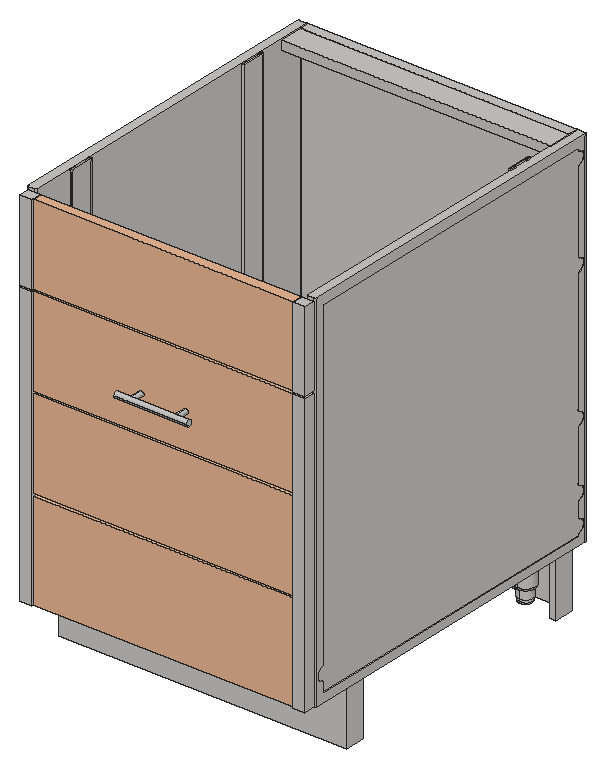
Revit family "Outdoor-Kitchen-Cabinets_Kalamazoo_Sink-Based-Cabinets_Arcadia", category Specialty Equipment, Revit 2018 (continued)
Automatic sketch dimensions
  Extrusion 2 sketch curve to Extrusion 2 sketch curve = 1.18652"
  Extrusion 2 sketch curve to Extrusion 2 sketch curve = 0.03565"
  Extrusion 2 sketch curve to plane 15 = 0.70446"
  Extrusion 2 sketch curve to plane 14 = 0.70444"
  plane 14 to Extrusion 2 sketch curve = 0.42063"
  plane 15 to Extrusion 2 sketch curve = 0.42065"
  Extrusion 2 sketch curve to Extrusion 2 sketch curve = 0.01391"
  Extrusion 2 sketch curve to plane 17 = 0.52718"
  Extrusion 2 sketch curve to plane 3 "Center (Left/Right)" = 0.02406"
  Extrusion 2 sketch curve to plane 16 = 0.48456"
  plane 7 to Extrusion 3 sketch curve = 0.11016"
  plane 11 to Extrusion 3 sketch curve = 0.92521"  (x2)
  plane 9 to Extrusion 3 sketch curve = 0.02503"
  Extrusion 3 sketch curve to Extrusion 3 sketch curve = 0.11007"
  Extrusion 3 sketch curve to Extrusion 3 sketch curve = 0.11016"
  plane 10 "Center (Front/Back)" to Extrusion 3 sketch curve = 0.11009"  (x2)
  plane 10 "Center (Front/Back)" to Extrusion 3 sketch curve = 0.11007"  (x2)
  Extrusion 3 sketch curve to plane 10 "Center (Front/Back)" = 0"  (x2)
  plane 11 to Extrusion 4 sketch curve = 1.54591"
  Extrusion 4 sketch curve to plane 25 = 0.82401"
  Extrusion 4 sketch curve to Extrusion 4 sketch curve = 0"  (x3)
  Extrusion 4 sketch curve to Extrusion 4 sketch curve = 0.12905"
  Extrusion 4 sketch curve to Extrusion 4 sketch curve = 0.12937"
  Extrusion 4 sketch curve to plane 23 = 0.00151"
  plane 11 to Extrusion 4 sketch curve = 1.67571"
  plane 10 "Center (Front/Back)" to Extrusion 4 sketch curve = 0.77252"
  plane 10 "Center (Front/Back)" to Extrusion 4 sketch curve = 0.77154"
  plane 10 "Center (Front/Back)" to Extrusion 4 sketch curve = 0.76877"
  plane 10 "Center (Front/Back)" to Extrusion 4 sketch curve = 0.76314"
  Extrusion 4 sketch curve to Extrusion 4 sketch curve = 0.022"
  plane 10 "Center (Front/Back)" to Extrusion 4 sketch curve = 0.75052"  (x3)
  Extrusion 4 sketch curve to Extrusion 4 sketch curve = 0.01262"  (x2)
  Extrusion 4 sketch curve to Extrusion 4 sketch curve = 0.00861"
  Extrusion 4 sketch curve to Extrusion 4 sketch curve = 0.11982"
  Extrusion 4 sketch curve to Extrusion 4 sketch curve = 0.12404"  (x4)
  Extrusion 4 sketch curve to plane 25 = 0.07401"
  Extrusion 4 sketch curve to Extrusion 4 sketch curve = 0.12929"
  Extrusion 4 sketch curve to Extrusion 4 sketch curve = 0.1298"
  Extrusion 4 sketch curve to Extrusion 4 sketch curve = 0.13093"
  Extrusion 4 sketch curve to Extrusion 4 sketch curve = 0.13138"
  Extrusion 4 sketch curve to Extrusion 4 sketch curve = 0.16513"
  Extrusion 4 sketch curve to Extrusion 4 sketch curve = 0.67652"  (x3)
  Extrusion 4 sketch curve to Extrusion 4 sketch curve = 0.54755"
  Extrusion 4 sketch curve to Extrusion 4 sketch curve = 0.12855"
  Extrusion 4 sketch curve to Extrusion 4 sketch curve = 1.08885"
  Extrusion 4 sketch curve to Extrusion 4 sketch curve = 0.01888"
  Extrusion 4 sketch curve to Extrusion 4 sketch curve = 0.68629"
  Extrusion 4 sketch curve to Extrusion 4 sketch curve = 4.1642"
  Extrusion 4 sketch curve to Extrusion 4 sketch curve = 0.01248"
  Extrusion 4 sketch curve to Extrusion 4 sketch curve = 0.69481"
  Extrusion 4 sketch curve to Extrusion 4 sketch curve = 0.67608"
  Extrusion 4 sketch curve to Extrusion 4 sketch curve = 9.48685"
  Extrusion 4 sketch curve to Extrusion 4 sketch curve = 0.00154"
  Extrusion 4 sketch curve to Extrusion 4 sketch curve = 0.70241"
  Extrusion 4 sketch curve to Extrusion 4 sketch curve = 0.67204"
  Extrusion 4 sketch curve to plane 23 = 1.49756"
  Extrusion 4 sketch curve to Extrusion 4 sketch curve = 0.0107"
  Extrusion 4 sketch curve to Extrusion 4 sketch curve = 0.67227"
  Extrusion 4 sketch curve to plane 23 = 0.13807"
  Extrusion 4 sketch curve to Extrusion 4 sketch curve = 0.0217"
  Extrusion 4 sketch curve to Extrusion 4 sketch curve = 0.02154"  (x2)
  plane 11 to Extrusion 5 sketch curve = 1.54591"
  Extrusion 5 sketch curve to Extrusion 5 sketch curve = 0"  (x3)
  Extrusion 5 sketch curve to Extrusion 5 sketch curve = 0.12905"
  Extrusion 5 sketch curve to Extrusion 5 sketch curve = 0.12937"
  Extrusion 5 sketch curve to plane 23 = 0.00151"
  plane 11 to Extrusion 5 sketch curve = 1.67571"
  plane 10 "Center (Front/Back)" to Extrusion 5 sketch curve = 0.77252"
  plane 10 "Center (Front/Back)" to Extrusion 5 sketch curve = 0.77154"
  plane 10 "Center (Front/Back)" to Extrusion 5 sketch curve = 0.76877"
  plane 10 "Center (Front/Back)" to Extrusion 5 sketch curve = 0.76314"
  Extrusion 5 sketch curve to Extrusion 5 sketch curve = 0.022"
  plane 10 "Center (Front/Back)" to Extrusion 5 sketch curve = 0.75052"  (x3)
  Extrusion 5 sketch curve to Extrusion 5 sketch curve = 0.01262"  (x2)
  Extrusion 5 sketch curve to Extrusion 5 sketch curve = 0.00861"
  Extrusion 5 sketch curve to Extrusion 5 sketch curve = 0.11982"
  Extrusion 5 sketch curve to Extrusion 5 sketch curve = 0.12404"  (x4)
  Extrusion 5 sketch curve to plane 25 = 0.07401"
  Extrusion 5 sketch curve to Extrusion 5 sketch curve = 0.12929"
  Extrusion 5 sketch curve to Extrusion 5 sketch curve = 0.1298"
  Extrusion 5 sketch curve to Extrusion 5 sketch curve = 0.13093"
  Extrusion 5 sketch curve to Extrusion 5 sketch curve = 0.13138"
  Extrusion 5 sketch curve to Extrusion 5 sketch curve = 0.16513"
  Extrusion 5 sketch curve to plane 23 = 0.13807"
  Extrusion 5 sketch curve to Extrusion 5 sketch curve = 0.67652"  (x3)
  Extrusion 5 sketch curve to Extrusion 5 sketch curve = 0.67227"
  Extrusion 5 sketch curve to Extrusion 5 sketch curve = 0.0107"
  Extrusion 5 sketch curve to Extrusion 5 sketch curve = 6.61481"
  Extrusion 5 sketch curve to Extrusion 5 sketch curve = 0.54275"
  Extrusion 5 sketch curve to Extrusion 5 sketch curve = 0.70241"
  Extrusion 5 sketch curve to Extrusion 5 sketch curve = 0.00154"
  Extrusion 5 sketch curve to Extrusion 5 sketch curve = 9.35866"
  Extrusion 5 sketch curve to Extrusion 5 sketch curve = 0.67608"
  Extrusion 5 sketch curve to Extrusion 5 sketch curve = 0.68233"
  Extrusion 5 sketch curve to Extrusion 5 sketch curve = 0.01248"
  Extrusion 5 sketch curve to Extrusion 5 sketch curve = 3.82357"
  Extrusion 5 sketch curve to Extrusion 5 sketch curve = 0.68629"
  Extrusion 5 sketch curve to Extrusion 5 sketch curve = 0.01888"
  Extrusion 5 sketch curve to plane 25 = 2.17704"
  Extrusion 5 sketch curve to Extrusion 5 sketch curve = 0.6761"
  Extrusion 5 sketch curve to Extrusion 5 sketch curve = 1.08885"
  Extrusion 5 sketch curve to Extrusion 5 sketch curve = 0.67693"
  Extrusion 5 sketch curve to Extrusion 5 sketch curve = 0.0217"
  Extrusion 5 sketch curve to Extrusion 5 sketch curve = 0.02154"  (x2)
  plane 7 to Extrusion 6 sketch curve = 0.11016"
  plane 11 to Extrusion 6 sketch curve = 0.92521"  (x2)
  plane 9 to Extrusion 6 sketch curve = 0.02503"
  Extrusion 6 sketch curve to Extrusion 6 sketch curve = 0.11007"
  Extrusion 6 sketch curve to Extrusion 6 sketch curve = 0.11016"
  plane 10 "Center (Front/Back)" to Extrusion 6 sketch curve = 0.11009"  (x2)
  plane 10 "Center (Front/Back)" to Extrusion 6 sketch curve = 0.11007"  (x2)
  Extrusion 6 sketch curve to plane 10 "Center (Front/Back)" = 0"  (x2)
  Extrusion 7 sketch curve to plane 23 = 6.14636"  (x2)
  plane 18 to Extrusion 7 sketch curve = 0.22066"  (x2)
  Extrusion 8 sketch curve to plane 23 = 6.32899"  (x2)
  Extrusion 9 sketch curve to plane 25 = 7.44471"
  Extrusion 9 sketch curve to Extrusion 9 sketch curve = 0.18013"
  Extrusion 9 sketch curve to Extrusion 9 sketch curve = 7.44523"
  Extrusion 9 sketch curve to Extrusion 9 sketch curve = 0.17762"
  Extrusion 9 sketch curve to plane 23 = 6.32899"
  Extrusion 9 sketch curve to Extrusion 9 sketch curve = 0.18263"
  plane 18 to Extrusion 9 sketch curve = 0.22066"
  Revolve 10 sketch curve to level = 0"  (x2)
  level to Revolve 10 sketch curve = 1.30466"
  Revolve 10 sketch curve to Revolve 10 sketch curve = 0.15744"
  level to Revolve 10 sketch curve = 0.41279"
  level to Revolve 10 sketch curve = 0.15636"
  plane 11 to Revolve 10 sketch curve = 5.89918"
  Revolve 10 sketch curve to Revolve 10 sketch curve = 0.15987"
  Revolve 10 sketch curve to Revolve 10 sketch curve = 0.05671"
  Revolve 10 sketch curve to Revolve 10 sketch curve = 0.81307"
  Revolve 10 sketch curve to level = 0.63322"
  Revolve 10 sketch curve to Revolve 10 sketch curve = 0"
  Revolve 11 sketch curve to level = 0"  (x2)
  level to Revolve 11 sketch curve = 1.30466"
  Revolve 11 sketch curve to Revolve 11 sketch curve = 0.15744"
  level to Revolve 11 sketch curve = 0.41279"
  level to Revolve 11 sketch curve = 0.15636"
  plane 10 "Center (Front/Back)" to Revolve 11 sketch curve = 1.53107"
  Revolve 11 sketch curve to Revolve 11 sketch curve = 0.15987"
  Revolve 11 sketch curve to Revolve 11 sketch curve = 0.05671"
  Revolve 11 sketch curve to Revolve 11 sketch curve = 0.81307"
  Revolve 11 sketch curve to Revolve 11 sketch curve = 0.63322"
  Revolve 11 sketch curve to Revolve 11 sketch curve = 0"
  Revolve 12 sketch curve to level = 0"  (x2)
  Revolve 12 sketch curve to level = 1.30466"
  Revolve 12 sketch curve to Revolve 12 sketch curve = 0.15744"
  Revolve 12 sketch curve to level = 0.41279"
  Revolve 12 sketch curve to level = 0.15636"
  Revolve 12 sketch curve to plane 11 = 5.89918"
  Revolve 12 sketch curve to Revolve 12 sketch curve = 0.15987"
  Revolve 12 sketch curve to Revolve 12 sketch curve = 0.05671"
  Revolve 12 sketch curve to Revolve 12 sketch curve = 0.81307"
  Revolve 12 sketch curve to Revolve 12 sketch curve = 0.63322"
  Revolve 12 sketch curve to Revolve 12 sketch curve = 0"
  Revolve 13 sketch curve to level = 0"  (x2)
  Revolve 13 sketch curve to level = 1.30466"
  Revolve 13 sketch curve to Revolve 13 sketch curve = 0.15744"
  Revolve 13 sketch curve to level = 0.41279"
  Revolve 13 sketch curve to level = 0.15636"
  Revolve 13 sketch curve to plane 10 "Center (Front/Back)" = 1.53107"
  Revolve 13 sketch curve to Revolve 13 sketch curve = 0.15987"
  Revolve 13 sketch curve to Revolve 13 sketch curve = 0.05671"
  Revolve 13 sketch curve to Revolve 13 sketch curve = 0.81307"
  level to Revolve 13 sketch curve = 0.63322"
  Revolve 13 sketch curve to Revolve 13 sketch curve = 0"
  Extrusion 14 sketch curve to plane 11 = 1.03221"
  Extrusion 14 sketch curve to plane 23 = 10.80461"
  plane 11 to Revolve 15 sketch curve = 0.09335"
  Revolve 15 sketch curve to plane 11 = 0.88465"
  Revolve 15 sketch curve to plane 23 = 10.80461"
  Revolve 15 sketch curve to Revolve 15 sketch curve = 0.19264"
  Revolve 15 sketch curve to Revolve 15 sketch curve = 0"  (x2)
  Revolve 15 sketch curve to Revolve 15 sketch curve = 0.15924"
  Revolve 16 sketch curve to plane 11 = 0.09335"
  plane 11 to Revolve 16 sketch curve = 0.88465"
  plane 23 to Revolve 16 sketch curve = 10.80461"
  Revolve 16 sketch curve to Revolve 16 sketch curve = 0.19264"
  Revolve 16 sketch curve to Revolve 16 sketch curve = 0"  (x2)
  Revolve 16 sketch curve to Revolve 16 sketch curve = 0.15924"
  Revolve 17 sketch curve to level = 0"  (x2)
  plane 11 to Revolve 17 sketch curve = 5.89918"
  Revolve 17 sketch curve to Revolve 17 sketch curve = 0.81307"
  Revolve 17 sketch curve to level = 0.63322"
  Revolve 17 sketch curve to Revolve 17 sketch curve = 0"
  Revolve 18 sketch curve to level = 0"  (x2)
  plane 10 "Center (Front/Back)" to Revolve 18 sketch curve = 1.53107"
  Revolve 18 sketch curve to Revolve 18 sketch curve = 0.81307"
  Revolve 18 sketch curve to Revolve 18 sketch curve = 0.63322"
  Revolve 18 sketch curve to Revolve 18 sketch curve = 0"
  Revolve 19 sketch curve to level = 0"  (x2)
  Revolve 19 sketch curve to plane 24 = 0.04197"
  Revolve 19 sketch curve to plane 11 = 5.89918"
  Revolve 19 sketch curve to Revolve 19 sketch curve = 0.81307"
  Revolve 19 sketch curve to Revolve 19 sketch curve = 0.63322"
  Revolve 19 sketch curve to Revolve 19 sketch curve = 0"
  Revolve 20 sketch curve to level = 0"  (x2)
  Revolve 20 sketch curve to plane 10 "Center (Front/Back)" = 1.53107"
  Revolve 20 sketch curve to Revolve 20 sketch curve = 0.81307"
  Revolve 20 sketch curve to Revolve 20 sketch curve = 0.63322"
  Revolve 20 sketch curve to Revolve 20 sketch curve = 0"
  plane 18 to Extrusion 21 sketch curve = 0.2451"  (x2)
  Extrusion 21 sketch curve to plane 14 = 0.75693"  (x2)
  Extrusion 21 sketch curve to plane 3 "Center (Left/Right)" = 0.135"  (x2)
  plane 3 "Center (Left/Right)" to Extrusion 21 sketch curve = 0.135"  (x2)
  Extrusion 21 sketch curve to plane 15 = 0.75693"  (x2)
  Extrusion 21 sketch curve to plane 23 = 7.09757"
  Extrusion 21 sketch curve to Extrusion 21 sketch curve = 0"
  Extrusion 21 sketch curve to Extrusion 21 sketch curve = 0.182"  (x2)
  Extrusion 22 sketch curve to plane 25 = 7.44471"
  Extrusion 22 sketch curve to Extrusion 22 sketch curve = 0"
  Extrusion 22 sketch curve to Extrusion 22 sketch curve = 0.16713"  (x2)
  Extrusion 22 sketch curve to Extrusion 22 sketch curve = 7.45823"  (x2)
  Extrusion 22 sketch curve to Extrusion 22 sketch curve = 0.16427"  (x2)
  Extrusion 22 sketch curve to plane 23 = 6.34757"  (x2)
  Extrusion 22 sketch curve to Extrusion 22 sketch curve = 0.182"  (x2)
  plane 18 to Extrusion 22 sketch curve = 0.2451"  (x2)
  plane 11 to Revolve 23 sketch curve = 0.09335"
  Revolve 23 sketch curve to plane 11 = 0.88465"
  Revolve 23 sketch curve to plane 23 = 10.81847"
  Revolve 23 sketch curve to Revolve 23 sketch curve = 0.19264"
  Revolve 23 sketch curve to Revolve 23 sketch curve = 0"  (x2)
  Revolve 23 sketch curve to Revolve 23 sketch curve = 0.15924"
  Extrusion 25 sketch curve to plane 11 = 1.03221"
  Extrusion 25 sketch curve to plane 23 = 10.81847"
  Extrusion 28 sketch curve to plane 11 = 1.03221"
  Extrusion 28 sketch curve to plane 23 = 10.81847"
  plane 9 to Masking region 1 sketch curve = 0.02503"
  plane 11 to Masking region 1 sketch curve = 0.92521"  (x2)
  plane 7 to Masking region 1 sketch curve = 0.11016"
  Masking region 1 sketch curve to Masking region 1 sketch curve = 0.11007"
  Masking region 1 sketch curve to Masking region 1 sketch curve = 0.11016"
  plane 10 "Center (Front/Back)" to Masking region 1 sketch curve = 0.11009"  (x2)
  plane 10 "Center (Front/Back)" to Masking region 1 sketch curve = 0.11007"  (x2)
  Masking region 1 sketch curve to plane 10 "Center (Front/Back)" = 0"  (x2)
  plane 10 "Center (Front/Back)" to Masking region 2 sketch curve = 0"
  Masking region 2 sketch curve to plane 7 = 0.10834"  (x2)
  plane 10 "Center (Front/Back)" to Masking region 2 sketch curve = 0.11008"
  Masking region 2 sketch curve to plane 6 = 0.11008"
  Masking region 2 sketch curve to Masking region 2 sketch curve = 0.53038"
  Masking region 3 sketch curve to plane 6 = 0.11022"
  plane 11 to Masking region 3 sketch curve = 0.92518"
  Masking region 3 sketch curve to plane 7 = 0.10978"
  plane 10 "Center (Front/Back)" to Masking region 3 sketch curve = 0.75052"
  Masking region 4 sketch curve to plane 11 = 0.01673"  (x2)
  plane 11 to Masking region 4 sketch curve = 0.89391"  (x2)
  Masking region 5 sketch curve to plane 11 = 0.01673"  (x2)
  plane 11 to Masking region 5 sketch curve = 0.89391"  (x2)
  Masking region 5 sketch curve to plane 15 = 0.75693"
  plane 3 "Center (Left/Right)" to Masking region 5 sketch curve = 0.135"
  Masking region 5 sketch curve to plane 3 "Center (Left/Right)" = 0.135"
  Masking region 5 sketch curve to plane 14 = 0.75693"
  plane 11 to Masking region 6 sketch curve = 0.09335"  (x2)
  Masking region 6 sketch curve to Masking region 6 sketch curve = 0.80056"  (x2)
  Masking region 6 sketch curve to plane 15 = 0.75693"
  Masking region 6 sketch curve to plane 14 = 0.75693"
  plane 11 to Masking region 9 sketch curve = 0.09335"
  Masking region 9 sketch curve to Masking region 9 sketch curve = 0.80056"
  Masking region 10 sketch curve to plane 14 = 0"
  Masking region 10 sketch curve to plane 15 = 0"
  Masking region 10 sketch curve to plane 14 = 0.05389"
  Masking region 10 sketch curve to plane 11 = 0.88465"  (x2)
  Masking region 10 sketch curve to Masking region 10 sketch curve = 0.08892"  (x4)
  plane 11 to Masking region 10 sketch curve = 0.09335"  (x2)
  plane 15 to Masking region 10 sketch curve = 0.05389"
  plane 15 to Masking region 10 sketch curve = 0.19264"
  Masking region 10 sketch curve to Masking region 10 sketch curve = 0.05389"
  Masking region 10 sketch curve to plane 15 = 0.19264"
  Masking region 10 sketch curve to Masking region 10 sketch curve = 0.13875"
  plane 14 to Masking region 10 sketch curve = 0.05389"
  plane 14 to Masking region 10 sketch curve = 0.19264"
  Masking region 10 sketch curve to plane 15 = 0.01791"
  Masking region 10 sketch curve to Masking region 10 sketch curve = 0.02058"  (x4)
  plane 14 to Masking region 10 sketch curve = 0.01791"
  plane 15 to Masking region 10 sketch curve = 0.01791"
  Masking region 10 sketch curve to plane 14 = 0.01791"
  Masking region 11 sketch curve to plane 14 = 0"
  Masking region 11 sketch curve to plane 15 = 0"
  Masking region 11 sketch curve to plane 11 = 1.26881"
  Masking region 11 sketch curve to plane 14 = 0.05372"
  Masking region 11 sketch curve to plane 11 = 0.88465"  (x2)
  Masking region 11 sketch curve to Masking region 11 sketch curve = 0.47301"
  Masking region 11 sketch curve to Masking region 11 sketch curve = 0.47319"
  Masking region 11 sketch curve to Masking region 11 sketch curve = 0.08971"
  Masking region 11 sketch curve to plane 14 = 0.12511"
  plane 11 to Masking region 11 sketch curve = 5.07457"
  Masking region 11 sketch curve to Masking region 11 sketch curve = 0"  (x3)
  Masking region 11 sketch curve to plane 15 = 0.12511"
  Masking region 11 sketch curve to plane 17 = 2.53296"
  plane 15 to Masking region 11 sketch curve = 0.19268"
  Masking region 11 sketch curve to Masking region 11 sketch curve = 0.05372"  (x2)
  Masking region 11 sketch curve to Masking region 11 sketch curve = 0.14027"
  plane 10 "Center (Front/Back)" to Extrusion 29 sketch curve = 2.74729"
  plane 10 "Center (Front/Back)" to Extrusion 29 sketch curve = 0.75437"
  Sweep 30 sketch curve to plane 1 = 0"
  plane 18 to Sweep 30 sketch curve = 0"
  Sweep 30 sketch curve to Sweep 30 sketch curve = 0"  (x11)
  Sweep 30 sketch curve to plane 6 = 0.22048"
  Sweep 30 sketch curve to Sweep 30 sketch curve = 0.048"
  Sweep 30 sketch curve to plane 6 = 0.17248"
  Sweep 30 sketch curve to Sweep 30 sketch curve = 1/16"  (x4)
  Sweep 30 sketch curve to plane 6 = 0.04748"  (x4)
  plane 6 to Sweep 30 sketch curve = 0.00052"  (x4)
  profile plane to Sweep 30 sketch curve = 8.86627"
  Sweep 30 sketch curve to Sweep 30 sketch curve = 0.00006"  (x5)
  Sweep 30 sketch curve to Sweep 30 sketch curve = 0.3595"  (x2)
  Sweep 30 sketch curve to Sweep 30 sketch curve = 1.156"  (x2)
  Sweep 30 sketch curve to Sweep 30 sketch curve = 0.35927"  (x2)
  Sweep 30 sketch curve to Sweep 30 sketch curve = 0.00028"
  Sweep 30 sketch curve to profile plane = 9.01873"
  Sweep 30 sketch curve to Sweep 30 sketch curve = 0.00023"
  Sweep 31 sketch curve to plane 1 = 0"
  Sweep 31 sketch curve to plane 25 = 0"
  plane 18 to Sweep 31 sketch curve = 0"
  Sweep 31 sketch curve to plane 7 = 0.23102"
  Sweep 31 sketch curve to Sweep 31 sketch curve = 0.1105"  (x2)
  Sweep 31 sketch curve to Sweep 31 sketch curve = 0"  (x8)
  Sweep 31 sketch curve to plane 7 = 0.05802"
  Sweep 31 sketch curve to Sweep 31 sketch curve = 0.048"  (x2)
  Sweep 31 sketch curve to plane 7 = 0.01002"
  Sweep 31 sketch curve to profile plane = 6.9908"
  Sweep 31 sketch curve to Sweep 31 sketch curve = 0.00025"
  Sweep 31 sketch curve to Sweep 31 sketch curve = 0.3595"
  Sweep 31 sketch curve to Sweep 31 sketch curve = 1.156"
  Sweep 31 sketch curve to Sweep 31 sketch curve = 0.35926"
  Sweep 31 sketch curve to Sweep 31 sketch curve = 0.00024"
  Masking region 12 sketch curve to Masking region 12 sketch curve = 0"  (x38)
  Masking region 12 sketch curve to plane 16 = 0.48227"
  plane 10 "Center (Front/Back)" to Masking region 12 sketch curve = 5.7"
  plane 3 "Center (Left/Right)" to Masking region 12 sketch curve = 0"  (x2)
  Masking region 12 sketch curve to plane 17 = 0.48228"
  plane 15 to Masking region 12 sketch curve = 0.42073"
  Masking region 12 sketch curve to Masking region 12 sketch curve = 0.0197"
  plane 14 to Masking region 12 sketch curve = 0.42091"
  Masking region 12 sketch curve to Masking region 12 sketch curve = 0.02882"
  Masking region 12 sketch curve to plane 17 = 0.44075"
  Masking region 12 sketch curve to plane 16 = 0.48867"
  Masking region 12 sketch curve to Masking region 12 sketch curve = 1 3/16"
  Masking region 12 sketch curve to Masking region 12 sketch curve = 0.04199"
  Masking region 12 sketch curve to Masking region 12 sketch curve = 0.09055"
  Masking region 12 sketch curve to plane 14 = 0.708"
  Masking region 12 sketch curve to plane 15 = 0.71249"
  Masking region 12 sketch curve to plane 3 "Center (Left/Right)" = 0.03969"
  Masking region 12 sketch curve to plane 17 = 0.50859"
  Masking region 12 sketch curve to plane 16 = 0.47759"
  plane 10 "Center (Front/Back)" to Masking region 13 sketch curve = 2.75053"
  plane 10 "Center (Front/Back)" to Masking region 13 sketch curve = 0.75053"
  plane 11 to Revolve 32 sketch curve = 0.09335"
  Revolve 32 sketch curve to plane 11 = 0.88465"
  Revolve 32 sketch curve to plane 23 = 10.62584"
  Revolve 32 sketch curve to Revolve 32 sketch curve = 0.19264"
  Revolve 32 sketch curve to Revolve 32 sketch curve = 0"  (x2)
  Revolve 32 sketch curve to Revolve 32 sketch curve = 0.15924"
  plane 11 to Revolve 33 sketch curve = 0.09335"
  Revolve 33 sketch curve to plane 11 = 0.88465"
  Revolve 33 sketch curve to plane 23 = 10.81847"
  Revolve 33 sketch curve to Revolve 33 sketch curve = 0.19264"
  Revolve 33 sketch curve to Revolve 33 sketch curve = 0"  (x2)
  Revolve 33 sketch curve to Revolve 33 sketch curve = 0.15924"
  plane 9 to Extrusion 34 sketch curve = 0"
  Extrusion 34 sketch curve to plane 12 = 0"
  plane 13 to Extrusion 34 sketch curve = 0"
  Extrusion 34 sketch curve to plane 8 = 0"
  plane 18 to Extrusion 34 sketch curve = 0.22066"  (x2)
  Extrusion 34 sketch curve to plane 23 = 6.14636"  (x2)
  plane 9 to Extrusion 35 sketch curve = 0"
  Extrusion 35 sketch curve to plane 12 = 0"
  plane 13 to Extrusion 35 sketch curve = 0"
  Extrusion 35 sketch curve to plane 8 = 0"
  Extrusion 35 sketch curve to plane 24 = 0"  (x2)
  Extrusion 35 sketch curve to plane 23 = 6.32899"  (x2)
  Extrusion 36 sketch curve to plane 12 = 0"  (x4)
  plane 13 to Extrusion 36 sketch curve = 0"  (x4)
  Extrusion 36 sketch curve to plane 24 = 0"
  Extrusion 36 sketch curve to plane 25 = 7.44471"
  Extrusion 36 sketch curve to Extrusion 36 sketch curve = 0.18013"
  Extrusion 36 sketch curve to Extrusion 36 sketch curve = 7.44523"
  Extrusion 36 sketch curve to Extrusion 36 sketch curve = 0.17762"
  Extrusion 36 sketch curve to plane 23 = 6.32899"
  Extrusion 36 sketch curve to Extrusion 36 sketch curve = 0.18263"
  plane 18 to Extrusion 36 sketch curve = 0.22066"
  Extrusion 37 sketch curve to plane 24 = 0"  (x2)
  plane 18 to Extrusion 37 sketch curve = 0.2451"  (x2)
  Extrusion 37 sketch curve to plane 14 = 0.75693"  (x2)
  Extrusion 37 sketch curve to plane 3 "Center (Left/Right)" = 0.135"  (x2)
  plane 3 "Center (Left/Right)" to Extrusion 37 sketch curve = 0.135"  (x2)
  Extrusion 37 sketch curve to plane 15 = 0.75693"  (x2)
  Extrusion 37 sketch curve to plane 23 = 6.91557"
  Extrusion 37 sketch curve to Extrusion 37 sketch curve = 0"
  Extrusion 37 sketch curve to Extrusion 37 sketch curve = 0.182"  (x2)
  Extrusion 38 sketch curve to plane 12 = 0"  (x4)
  Extrusion 38 sketch curve to plane 24 = 0"  (x2)
  plane 13 to Extrusion 38 sketch curve = 0"  (x4)
  Extrusion 38 sketch curve to plane 14 = 0.75693"
  Extrusion 38 sketch curve to Extrusion 38 sketch curve = 0"  (x6)
  Extrusion 38 sketch curve to plane 15 = 0.75693"  (x2)
  plane 18 to Extrusion 38 sketch curve = 0.2451"  (x2)
  Extrusion 38 sketch curve to plane 23 = 6.16557"  (x2)
  Extrusion 38 sketch curve to Extrusion 38 sketch curve = 0.182"  (x2)
  Extrusion 38 sketch curve to Extrusion 38 sketch curve = 7.44"  (x2)
  Extrusion 38 sketch curve to Extrusion 38 sketch curve = 0.16427"  (x2)
  Extrusion 38 sketch curve to Extrusion 38 sketch curve = 7.45823"
  Extrusion 38 sketch curve to Extrusion 38 sketch curve = 0.16713"  (x2)
  Masking region 14 sketch curve to plane 8 = 0"
  Masking region 14 sketch curve to plane 9 = 0"
  Masking region 14 sketch curve to plane 13 = 0"
  Masking region 14 sketch curve to plane 12 = 0"
  Masking region 14 sketch curve to plane 10 "Center (Front/Back)" = 0.92611"  (x2)
  Masking region 14 sketch curve to plane 10 "Center (Front/Back)" = 0.01547"  (x2)
  Masking region 15 sketch curve to plane 15 = 0.75693"
  Masking region 15 sketch curve to plane 10 "Center (Front/Back)" = 0.92611"
  Masking region 15 sketch curve to Masking region 15 sketch curve = 0"
  Masking region 15 sketch curve to plane 10 "Center (Front/Back)" = 0.01547"  (x2)
  plane 3 "Center (Left/Right)" to Masking region 15 sketch curve = 0.135"
  Masking region 15 sketch curve to plane 3 "Center (Left/Right)" = 0.135"
  Masking region 15 sketch curve to plane 14 = 0.75693"
  Masking region 16 sketch curve to plane 12 = 0"
  Masking region 16 sketch curve to plane 13 = 0"
  Masking region 16 sketch curve to plane 10 "Center (Front/Back)" = 0.81604"  (x2)
  Masking region 16 sketch curve to plane 10 "Center (Front/Back)" = 0.01547"  (x2)
  Masking region 16 sketch curve to plane 14 = 0.75693"
  Masking region 16 sketch curve to plane 15 = 0.75693"
  Masking region 17 sketch curve to plane 12 = 0"
  Masking region 17 sketch curve to plane 13 = 0"
  Masking region 17 sketch curve to plane 10 "Center (Front/Back)" = 0.81604"
  Masking region 17 sketch curve to plane 10 "Center (Front/Back)" = 0.01547"
  Revolve 24 sketch curve to plane 11 = 0.09335"
  plane 11 to Revolve 24 sketch curve = 0.88465"
  plane 23 to Revolve 24 sketch curve = 10.81847"
  Revolve 24 sketch curve to Revolve 24 sketch curve = 0.19264"
  Revolve 24 sketch curve to Revolve 24 sketch curve = 0"  (x2)
  Revolve 24 sketch curve to Revolve 24 sketch curve = 0.15924"
  plane 11 to Revolve 27 sketch curve = 0.09335"
  Revolve 27 sketch curve to plane 11 = 0.88465"
  Revolve 27 sketch curve to plane 23 = 10.81847"
  Revolve 27 sketch curve to Revolve 27 sketch curve = 0.19264"
  Revolve 27 sketch curve to Revolve 27 sketch curve = 0"  (x2)
  Revolve 27 sketch curve to Revolve 27 sketch curve = 0.15924"
  Masking region 8 sketch curve to plane 21 = 0"
  Masking region 8 sketch curve to plane 22 = 0"
  Masking region 8 sketch curve to plane 22 = 0.0551"
  plane 29 to Masking region 8 sketch curve = 0.05481"
  Masking region 8 sketch curve to plane 21 = 0.0551"
  Masking region 8 sketch curve to plane 11 = 0.88465"  (x2)
  plane 28 to Masking region 8 sketch curve = 0.05711"
  Masking region 8 sketch curve to Masking region 8 sketch curve = 0.08936"  (x4)
  Masking region 8 sketch curve to Masking region 8 sketch curve = 0.08963"  (x4)
  plane 22 to Masking region 8 sketch curve = 0.16896"
  Masking region 8 sketch curve to plane 11 = 0.39047"  (x3)
  plane 21 to Masking region 8 sketch curve = 0.16896"
  Masking region 8 sketch curve to plane 22 = 0.16896"
  Masking region 8 sketch curve to Masking region 8 sketch curve = 0"  (x3)
  plane 29 to Masking region 8 sketch curve = 0.16868"
  Masking region 8 sketch curve to plane 28 = 0.16695"
  plane 11 to Masking region 8 sketch curve = 0.09335"  (x4)
  Masking region 8 sketch curve to plane 29 = 0.16925"
  Masking region 8 sketch curve to plane 29 = 0.00029"
  plane 28 to Masking region 8 sketch curve = 0.17098"
  plane 28 to Masking region 8 sketch curve = 0.00201"
  Masking region 8 sketch curve to plane 21 = 0.16896"
  Masking region 7 sketch curve to plane 22 = 0"
  Masking region 7 sketch curve to plane 21 = 0"
  Masking region 7 sketch curve to plane 11 = 1.26881"  (x2)
  Masking region 7 sketch curve to plane 22 = 0.05391"
  Masking region 7 sketch curve to plane 11 = 0.88465"  (x4)
  Masking region 7 sketch curve to plane 29 = 0.05385"
  plane 28 to Masking region 7 sketch curve = 0.05397"
  Masking region 7 sketch curve to plane 21 = 0.05391"
  Masking region 7 sketch curve to Masking region 7 sketch curve = 0.47319"  (x2)
  plane 21 to Masking region 7 sketch curve = 0.19264"
  Masking region 7 sketch curve to Masking region 7 sketch curve = 0.08903"  (x4)
  Masking region 7 sketch curve to plane 21 = 0.19264"
  plane 28 to Masking region 7 sketch curve = 0.19269"
  Masking region 7 sketch curve to plane 29 = 0.19258"
  Masking region 7 sketch curve to Masking region 7 sketch curve = 0.05391"  (x3)
  Masking region 7 sketch curve to Masking region 7 sketch curve = 0.13873"  (x4)
  Masking region 7 sketch curve to Masking region 7 sketch curve = 0.93316"  (x2)
  plane 29 to Masking region 7 sketch curve = 0.00006"
  Masking region 7 sketch curve to Masking region 7 sketch curve = 0.93577"  (x2)
  plane 28 to Masking region 7 sketch curve = 0.00006"
  Masking region 7 sketch curve to plane 28 = 0.05385"
  Revolve 26 sketch curve to plane 11 = 0.09335"
  plane 11 to Revolve 26 sketch curve = 0.88465"
  plane 23 to Revolve 26 sketch curve = 10.81847"
  Revolve 26 sketch curve to Revolve 26 sketch curve = 0.19264"
  Revolve 26 sketch curve to Revolve 26 sketch curve = 0"  (x2)
  Revolve 26 sketch curve to Revolve 26 sketch curve = 0.15924"
  radius of Extrusion 14 sketch curve = 0.2366"
  radius of Extrusion 25 sketch curve = 0.2366"
  radius of Extrusion 28 sketch curve = 0.2366"
Types (3): name | Ι_Gd Rl120 | Ι_Gd Rl100 | Width | Weight (lb) | URL | Model | Description
  KD-24-SNK | no | yes | 24" | 220.00 lbf | "https://kalamazoogourmet.com/products/arcadia-24-inch-sink-base-cabinet/" | "KD-24-SNK" | "Arcadia 24-inch Sink Base Cabinet"
  KD-30-SNK | yes | no | 30" | 240.00 lbf | "https://kalamazoogourmet.com/products/arcadia-30-inch-sink-base-cabinet/" | "KD-30-SNK" | "Arcadia 30-inch Sink Base Cabinet"
  KD-36-SNK | yes | no | 36" | 250.00 lbf | "https://kalamazoogourmet.com/products/arcadia-36-inch-sink-base-cabinet/" | "KD-36-SNK" | "Arcadia 36-inch Sink Base Cabinet"
